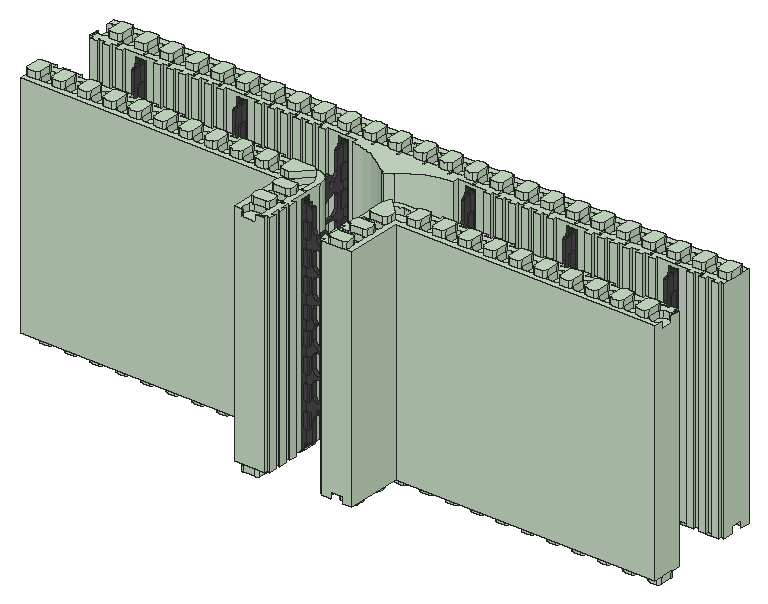
Revit family
Reference planes
  plane 1 "Center (Front/Back)": y = 0
  plane 2: z = 0
  plane 3 "Center (Left/Right)": x = 0
Forms (mm)
  Extrusion 1, solid, material "NUDURA Expanded Polystyrene Foam Insulation"
    sketch origin (0.301, 0.323, 0) x (1, 0, 0) y (0, 1, 0)
      loop
        arc (-57.15, -114.3) -> (-66.449, -91.849) -> (-88.9, -82.55) r 31.75
        line (-88.9, -82.55) -> (-159.542, -82.55) -> (-157.958, -76.2) -> (-172.242, -76.2) -> (-170.658, -82.55) -> (-184.942, -82.55) -> (-183.358, -76.2) -> (-197.642, -76.2) -> (-196.058, -82.55) -> (-210.342, -82.55) -> (-208.758, -76.2) -> (-223.042, -76.2) -> (-221.458, -82.55) -> (-235.742, -82.55) -> (-234.158, -76.2) -> (-248.442, -76.2) -> (-246.858, -82.55) -> (-261.158, -82.55) -> (-259.574, -76.2) -> (-273.858, -76.2) -> (-272.274, -82.55) -> (-286.558, -82.55) -> (-284.974, -76.2) -> (-299.258, -76.2) -> (-297.674, -82.55) -> (-362.741, -82.55) -> (-361.158, -76.2) -> (-375.441, -76.2) -> (-373.858, -82.55) -> (-388.141, -82.55) -> (-386.558, -76.2) -> (-400.841, -76.2) -> (-399.258, -82.55) -> (-413.541, -82.55) -> (-411.958, -76.2) -> (-426.241, -76.2) -> (-424.658, -82.55) -> (-438.958, -82.55) -> (-437.374, -76.2) -> (-451.658, -76.2) -> (-450.074, -82.55) -> (-464.358, -82.55) -> (-462.774, -76.2) -> (-477.058, -76.2) -> (-475.474, -82.55) -> (-489.758, -82.55) -> (-488.174, -76.2) -> (-502.458, -76.2) -> (-500.874, -82.55) -> (-565.941, -82.55) -> (-564.358, -76.2) -> (-578.641, -76.2) -> (-577.058, -82.55) -> (-591.341, -82.55) -> (-589.758, -76.2) -> (-604.041, -76.2) -> (-602.458, -82.55) -> (-616.741, -82.55) -> (-615.158, -76.2) -> (-629.441, -76.2) -> (-627.858, -82.55) -> (-635, -82.55) -> (-635, -142.81) -> (-117.475, -142.81) -> (-117.475, -253.935) -> (-57.15, -253.935) -> (-57.15, -246.858) -> (-50.8, -248.441) -> (-50.8, -234.158) -> (-57.15, -235.741) -> (-57.15, -221.458) -> (-50.8, -223.041) -> (-50.8, -208.758) -> (-57.15, -210.341) -> (-57.15, -196.058) -> (-50.8, -197.641) -> (-50.8, -183.358) -> (-57.15, -184.941) -> (-57.15, -114.3)
      loop
        line (101.6, 22.225) -> (101.6, 31.75) -> (159.542, 31.75) -> (157.958, 25.4) -> (172.242, 25.4) -> (170.658, 31.75) -> (184.942, 31.75) -> (183.358, 25.4) -> (197.642, 25.4) -> (196.058, 31.75) -> (210.342, 31.75) -> (208.758, 25.4) -> (223.042, 25.4) -> (221.458, 31.75) -> (235.726, 31.75) -> (234.142, 25.4) -> (248.426, 25.4) -> (246.842, 31.75) -> (261.126, 31.75) -> (259.542, 25.4) -> (273.826, 25.4) -> (272.242, 31.75) -> (286.526, 31.75) -> (284.942, 25.4) -> (299.226, 25.4) -> (297.642, 31.75) -> (362.741, 31.75) -> (361.158, 25.4) -> (375.441, 25.4) -> (373.858, 31.75) -> (388.141, 31.75) -> (386.558, 25.4) -> (400.841, 25.4) -> (399.258, 31.75) -> (413.541, 31.75) -> (411.958, 25.4) -> (426.241, 25.4) -> (424.658, 31.75) -> (438.925, 31.75) -> (437.342, 25.4) -> (451.625, 25.4) -> (450.042, 31.75) -> (464.325, 31.75) -> (462.742, 25.4) -> (477.025, 25.4) -> (475.442, 31.75) -> (489.725, 31.75) -> (488.142, 25.4) -> (502.425, 25.4) -> (500.842, 31.75) -> (565.941, 31.75) -> (564.358, 25.4) -> (578.641, 25.4) -> (577.058, 31.75) -> (591.341, 31.75) -> (589.758, 25.4) -> (604.041, 25.4) -> (602.458, 31.75) -> (616.741, 31.75) -> (615.158, 25.4) -> (629.441, 25.4) -> (627.858, 31.75) -> (635, 31.75) -> (635, 92.139) -> (-635, 92.139) -> (-635, 31.75) -> (-627.858, 31.75) -> (-629.441, 25.4) -> (-615.158, 25.4) -> (-616.741, 31.75) -> (-602.458, 31.75) -> (-604.041, 25.4) -> (-589.758, 25.4) -> (-591.341, 31.75) -> (-577.058, 31.75) -> (-578.641, 25.4) -> (-564.358, 25.4) -> (-565.941, 31.75) -> (-500.842, 31.75) -> (-502.425, 25.4) -> (-488.142, 25.4) -> (-489.725, 31.75) -> (-475.442, 31.75) -> (-477.025, 25.4) -> (-462.742, 25.4) -> (-464.325, 31.75) -> (-450.042, 31.75) -> (-451.625, 25.4) -> (-437.342, 25.4) -> (-438.925, 31.75) -> (-424.658, 31.75) -> (-426.241, 25.4) -> (-411.958, 25.4) -> (-413.541, 31.75) -> (-399.258, 31.75) -> (-400.841, 25.4) -> (-386.558, 25.4) -> (-388.141, 31.75) -> (-373.858, 31.75) -> (-375.441, 25.4) -> (-361.158, 25.4) -> (-362.741, 31.75) -> (-297.642, 31.75) -> (-299.226, 25.4) -> (-284.942, 25.4) -> (-286.526, 31.75) -> (-272.242, 31.75) -> (-273.826, 25.4) -> (-259.542, 25.4) -> (-261.126, 31.75) -> (-246.842, 31.75) -> (-248.426, 25.4) -> (-234.142, 25.4) -> (-235.726, 31.75) -> (-221.458, 31.75) -> (-223.042, 25.4) -> (-208.758, 25.4) -> (-210.342, 31.75) -> (-196.058, 31.75) -> (-197.642, 25.4) -> (-183.358, 25.4) -> (-184.942, 31.75) -> (-170.658, 31.75) -> (-172.242, 25.4) -> (-157.958, 25.4) -> (-159.542, 31.75) -> (-101.6, 31.75) -> (-101.6, 22.225)
        arc (-101.6, 22.225) -> (-53.925, 9.517) -> (-12.933, -17.943) r 150.316
        arc (-12.933, -17.943) -> (-6.81, -22.871) -> (0, -26.795) r 50.8
        arc (0, -26.795) -> (6.81, -22.871) -> (12.933, -17.943) r 50.8
        arc (12.933, -17.943) -> (53.925, 9.517) -> (101.6, 22.225) r 150.316
      loop
        line (57.15, -114.3) -> (57.15, -184.941) -> (50.8, -183.358) -> (50.8, -197.641) -> (57.15, -196.058) -> (57.15, -210.341) -> (50.8, -208.758) -> (50.8, -223.041) -> (57.15, -221.458) -> (57.15, -235.741) -> (50.8, -234.158) -> (50.8, -248.441) -> (57.15, -246.858) -> (57.15, -254) -> (117.475, -254) -> (117.475, -142.81) -> (635, -142.81) -> (635, -82.55) -> (627.858, -82.55) -> (629.441, -76.2) -> (615.158, -76.2) -> (616.741, -82.55) -> (602.458, -82.55) -> (604.041, -76.2) -> (589.758, -76.2) -> (591.341, -82.55) -> (577.058, -82.55) -> (578.641, -76.2) -> (564.358, -76.2) -> (565.941, -82.55) -> (500.874, -82.55) -> (502.458, -76.2) -> (488.174, -76.2) -> (489.758, -82.55) -> (475.474, -82.55) -> (477.058, -76.2) -> (462.774, -76.2) -> (464.358, -82.55) -> (450.074, -82.55) -> (451.658, -76.2) -> (437.374, -76.2) -> (438.958, -82.55) -> (424.658, -82.55) -> (426.241, -76.2) -> (411.958, -76.2) -> (413.541, -82.55) -> (399.258, -82.55) -> (400.841, -76.2) -> (386.558, -76.2) -> (388.141, -82.55) -> (373.858, -82.55) -> (375.441, -76.2) -> (361.158, -76.2) -> (362.741, -82.55) -> (297.674, -82.55) -> (299.258, -76.2) -> (284.974, -76.2) -> (286.558, -82.55) -> (272.274, -82.55) -> (273.858, -76.2) -> (259.574, -76.2) -> (261.158, -82.55) -> (246.874, -82.55) -> (248.458, -76.2) -> (234.174, -76.2) -> (235.758, -82.55) -> (221.458, -82.55) -> (223.042, -76.2) -> (208.758, -76.2) -> (210.342, -82.55) -> (196.058, -82.55) -> (197.642, -76.2) -> (183.358, -76.2) -> (184.942, -82.55) -> (170.658, -82.55) -> (172.242, -76.2) -> (157.958, -76.2) -> (159.542, -82.55) -> (88.9, -82.55)
        arc (88.9, -82.55) -> (66.449, -91.849) -> (57.15, -114.3) r 31.75
    from 0 to 457.2
  Extrusion 2, void
    sketch origin (25.701, 406.723, 0) x (1, 0, 0) y (0, 1, 0)
      loop
        arc (-130.453, -639.396) -> (-131.763, -647.7) -> (-130.453, -656.003) r 26.987
        arc (-130.453, -656.003) -> (-128.504, -658.905) -> (-125.314, -660.335) r 6.35
        line (-125.314, -660.335) -> (-100.111, -660.335)
        arc (-100.111, -660.335) -> (-98.281, -659.781) -> (-96.698, -658.708) r 6.35
        arc (-96.698, -658.708) -> (-96.199, -658.394) -> (-95.62, -658.285) r 1.588
        line (-95.62, -658.285) -> (-86.829, -658.285) -> (-86.829, -653.946) -> (-92.457, -653.946)
        arc (-92.457, -653.946) -> (-93.668, -653.385) -> (-94.024, -652.1) r 1.588
        arc (-94.024, -652.1) -> (-93.737, -645.691) -> (-94.972, -639.396) r 26.988
        arc (-94.972, -639.396) -> (-97.278, -636.215) -> (-101.014, -635) r 6.35
        line (-101.014, -635) -> (-124.411, -635)
        arc (-124.411, -635) -> (-128.147, -636.215) -> (-130.453, -639.396) r 6.35
    from 457.2 to 444.5
  Extrusion 3, void
    sketch origin (25.701, 457.523, 0) x (1, 0, 0) y (0, 1, 0)
      loop
        arc (-130.453, -639.396) -> (-131.763, -647.7) -> (-130.453, -656.003) r 26.987
        arc (-130.453, -656.003) -> (-128.147, -659.184) -> (-124.411, -660.4) r 6.35
        line (-124.411, -660.4) -> (-101.014, -660.4)
        arc (-101.014, -660.4) -> (-98.696, -659.961) -> (-96.698, -658.708) r 6.35
        arc (-96.698, -658.708) -> (-96.199, -658.394) -> (-95.62, -658.285) r 1.588
        line (-95.62, -658.285) -> (-86.829, -658.285) -> (-86.829, -653.946) -> (-92.457, -653.946)
        arc (-92.457, -653.946) -> (-93.668, -653.385) -> (-94.024, -652.1) r 1.588
        arc (-94.024, -652.1) -> (-93.737, -645.691) -> (-94.972, -639.396) r 26.988
        arc (-94.972, -639.396) -> (-97.278, -636.215) -> (-101.014, -635) r 6.35
        line (-101.014, -635) -> (-124.411, -635)
        arc (-124.411, -635) -> (-128.147, -636.215) -> (-130.453, -639.396) r 6.35
    from 457.2 to 444.5
  Extrusion 4, void
    sketch origin (25.701, 0.323, 0) x (1, 0, 0) y (0, 1, 0)
      loop
        line (-131.763, -131.762) -> (-131.763, -139.7)
        arc (-131.763, -139.7) -> (-131.433, -143.903) -> (-130.453, -148.003) r 26.987
        arc (-130.453, -148.003) -> (-128.147, -151.184) -> (-124.411, -152.4) r 6.35
        line (-124.411, -152.4) -> (-101.014, -152.4)
        arc (-101.014, -152.4) -> (-98.696, -151.961) -> (-96.698, -150.708) r 6.35
        arc (-96.698, -150.708) -> (-96.199, -150.394) -> (-95.62, -150.285) r 1.588
        line (-95.62, -150.285) -> (-86.829, -150.285) -> (-86.829, -145.946) -> (-92.457, -145.946)
        arc (-92.457, -145.946) -> (-93.668, -145.385) -> (-94.024, -144.1) r 1.588
        arc (-94.024, -144.1) -> (-93.753, -141.907) -> (-93.663, -139.7) r 26.987
        line (-93.663, -139.7) -> (-93.663, -119.062)
        arc (-93.663, -119.062) -> (-95.596, -109.342) -> (-101.102, -101.102) r 25.4
        line (-101.102, -101.102) -> (-131.763, -131.762)
    from 457.2 to 444.5
  Extrusion 5, void
    sketch origin (-787.098, 0.323, 0) x (0, 1, 0) y (-1, 0, 0)
      loop
        arc (-130.453, -639.396) -> (-131.763, -647.7) -> (-130.453, -656.003) r 26.987
        arc (-130.453, -656.003) -> (-128.147, -659.184) -> (-124.411, -660.4) r 6.35
        line (-124.411, -660.4) -> (-101.014, -660.4)
        arc (-101.014, -660.4) -> (-98.696, -659.961) -> (-96.698, -658.708) r 6.35
        arc (-96.698, -658.708) -> (-96.199, -658.394) -> (-95.62, -658.285) r 1.588
        line (-95.62, -658.285) -> (-86.829, -658.285) -> (-86.829, -653.946) -> (-92.457, -653.946)
        arc (-92.457, -653.946) -> (-93.668, -653.385) -> (-94.024, -652.1) r 1.588
        arc (-94.024, -652.1) -> (-93.737, -645.691) -> (-94.972, -639.396) r 26.988
        arc (-94.972, -639.396) -> (-97.278, -636.215) -> (-101.014, -635) r 6.35
        line (-101.014, -635) -> (-124.411, -635)
        arc (-124.411, -635) -> (-128.147, -636.215) -> (-130.453, -639.396) r 6.35
    from 457.2 to 444.5
  Extrusion 6, void
    sketch origin (-837.898, 0.323, 0) x (0, 1, 0) y (-1, 0, 0)
      loop
        arc (-130.453, -639.396) -> (-131.763, -647.7) -> (-130.453, -656.003) r 26.987
        arc (-130.453, -656.003) -> (-128.147, -659.184) -> (-124.411, -660.4) r 6.35
        line (-124.411, -660.4) -> (-101.014, -660.4)
        arc (-101.014, -660.4) -> (-98.696, -659.961) -> (-96.698, -658.708) r 6.35
        arc (-96.698, -658.708) -> (-96.199, -658.394) -> (-95.62, -658.285) r 1.588
        line (-95.62, -658.285) -> (-86.829, -658.285) -> (-86.829, -653.946) -> (-92.457, -653.946)
        arc (-92.457, -653.946) -> (-93.668, -653.385) -> (-94.024, -652.1) r 1.588
        arc (-94.024, -652.1) -> (-93.737, -645.691) -> (-94.972, -639.396) r 26.988
        arc (-94.972, -639.396) -> (-97.278, -636.215) -> (-101.014, -635) r 6.35
        line (-101.014, -635) -> (-124.411, -635)
        arc (-124.411, -635) -> (-128.147, -636.215) -> (-130.453, -639.396) r 6.35
    from 457.2 to 444.5
  Extrusion 7, void
    sketch origin (25.701, -863.276, 0) x (1, 0, 0) y (0, 1, 0)
      loop
        arc (-130.453, 639.396) -> (-128.147, 636.215) -> (-124.411, 635) r 6.35
        line (-124.411, 635) -> (-101.014, 635)
        arc (-101.014, 635) -> (-97.278, 636.215) -> (-94.972, 639.396) r 6.35
        arc (-94.972, 639.396) -> (-93.737, 645.691) -> (-94.024, 652.1) r 26.988
        arc (-94.024, 652.1) -> (-93.668, 653.385) -> (-92.457, 653.946) r 1.588
        line (-92.457, 653.946) -> (-86.829, 653.946) -> (-86.829, 658.285) -> (-95.62, 658.285)
        arc (-95.62, 658.285) -> (-96.199, 658.394) -> (-96.698, 658.708) r 1.588
        arc (-96.698, 658.708) -> (-98.696, 659.961) -> (-101.014, 660.4) r 6.35
        line (-101.014, 660.4) -> (-124.411, 660.4)
        arc (-124.411, 660.4) -> (-128.147, 659.184) -> (-130.453, 656.003) r 6.35
        arc (-130.453, 656.003) -> (-131.763, 647.7) -> (-130.453, 639.396) r 26.987
    from 0 to 12.7
  Extrusion 8, void
    sketch origin (25.701, -812.476, 0) x (1, 0, 0) y (0, 1, 0)
      loop
        arc (-130.453, 639.396) -> (-128.147, 636.215) -> (-124.411, 635) r 6.35
        line (-124.411, 635) -> (-101.014, 635)
        arc (-101.014, 635) -> (-97.278, 636.215) -> (-94.972, 639.396) r 6.35
        arc (-94.972, 639.396) -> (-93.737, 645.691) -> (-94.024, 652.1) r 26.988
        arc (-94.024, 652.1) -> (-93.668, 653.385) -> (-92.457, 653.946) r 1.588
        line (-92.457, 653.946) -> (-86.829, 653.946) -> (-86.829, 658.285) -> (-95.62, 658.285)
        arc (-95.62, 658.285) -> (-96.199, 658.394) -> (-96.698, 658.708) r 1.588
        arc (-96.698, 658.708) -> (-98.696, 659.961) -> (-101.014, 660.4) r 6.35
        line (-101.014, 660.4) -> (-124.411, 660.4)
        arc (-124.411, 660.4) -> (-128.147, 659.184) -> (-130.453, 656.003) r 6.35
        arc (-130.453, 656.003) -> (-131.763, 647.7) -> (-130.453, 639.396) r 26.987
    from 0 to 12.7
  Extrusion 9, void
    sketch origin (25.701, 0.323, 0) x (0, 1, 0) y (-1, 0, 0)
      loop
        line (-131.763, 131.762) -> (-101.102, 101.102)
        arc (-101.102, 101.102) -> (-95.596, 109.342) -> (-93.663, 119.062) r 25.4
        line (-93.663, 119.062) -> (-93.663, 139.7)
        arc (-93.663, 139.7) -> (-93.753, 141.907) -> (-94.024, 144.1) r 26.987
        arc (-94.024, 144.1) -> (-93.668, 145.385) -> (-92.457, 145.946) r 1.588
        line (-92.457, 145.946) -> (-86.829, 145.946) -> (-86.829, 150.285) -> (-95.62, 150.285)
        arc (-95.62, 150.285) -> (-96.199, 150.394) -> (-96.698, 150.708) r 1.588
        arc (-96.698, 150.708) -> (-98.696, 151.961) -> (-101.014, 152.4) r 6.35
        line (-101.014, 152.4) -> (-124.411, 152.4)
        arc (-124.411, 152.4) -> (-128.147, 151.184) -> (-130.453, 148.003) r 6.35
        arc (-130.453, 148.003) -> (-131.433, 143.903) -> (-131.763, 139.7) r 26.987
        line (-131.763, 139.7) -> (-131.763, 131.762)
    from 0 to 12.7
  Extrusion 10, void
    sketch origin (482.901, 0.323, 0) x (0, 1, 0) y (-1, 0, 0)
      loop
        arc (-130.453, 639.396) -> (-128.147, 636.215) -> (-124.411, 635) r 6.35
        line (-124.411, 635) -> (-101.014, 635)
        arc (-101.014, 635) -> (-97.278, 636.215) -> (-94.972, 639.396) r 6.35
        arc (-94.972, 639.396) -> (-93.737, 645.691) -> (-94.024, 652.1) r 26.988
        arc (-94.024, 652.1) -> (-93.668, 653.385) -> (-92.457, 653.946) r 1.588
        line (-92.457, 653.946) -> (-86.829, 653.946) -> (-86.829, 658.285) -> (-95.62, 658.285)
        arc (-95.62, 658.285) -> (-96.199, 658.394) -> (-96.698, 658.708) r 1.588
        arc (-96.698, 658.708) -> (-98.696, 659.961) -> (-101.014, 660.4) r 6.35
        line (-101.014, 660.4) -> (-124.411, 660.4)
        arc (-124.411, 660.4) -> (-128.147, 659.184) -> (-130.453, 656.003) r 6.35
        arc (-130.453, 656.003) -> (-131.763, 647.7) -> (-130.453, 639.396) r 26.987
    from 0 to 12.7
  Extrusion 11, void
    sketch origin (432.101, 0.323, 0) x (0, 1, 0) y (-1, 0, 0)
      loop
        arc (-130.453, 639.396) -> (-128.147, 636.215) -> (-124.411, 635) r 6.35
        line (-124.411, 635) -> (-101.014, 635)
        arc (-101.014, 635) -> (-97.278, 636.215) -> (-94.972, 639.396) r 6.35
        arc (-94.972, 639.396) -> (-93.737, 645.691) -> (-94.024, 652.1) r 26.988
        arc (-94.024, 652.1) -> (-93.668, 653.385) -> (-92.457, 653.946) r 1.588
        line (-92.457, 653.946) -> (-86.829, 653.946) -> (-86.829, 658.285) -> (-95.62, 658.285)
        arc (-95.62, 658.285) -> (-96.199, 658.394) -> (-96.698, 658.708) r 1.588
        arc (-96.698, 658.708) -> (-98.696, 659.961) -> (-101.014, 660.4) r 6.35
        line (-101.014, 660.4) -> (-124.411, 660.4)
        arc (-124.411, 660.4) -> (-128.147, 659.184) -> (-130.453, 656.003) r 6.35
        arc (-130.453, 656.003) -> (-131.763, 647.7) -> (-130.453, 639.396) r 26.987
    from 0 to 12.7
  Extrusion 12, void
    sketch origin (-25.099, -863.276, 0) x (-1, 0, 0) y (0, -1, 0)
      loop
        arc (-130.453, -639.396) -> (-131.763, -647.7) -> (-130.453, -656.003) r 26.987
        arc (-130.453, -656.003) -> (-128.147, -659.184) -> (-124.411, -660.4) r 6.35
        line (-124.411, -660.4) -> (-101.014, -660.4)
        arc (-101.014, -660.4) -> (-98.696, -659.961) -> (-96.698, -658.708) r 6.35
        arc (-96.698, -658.708) -> (-96.199, -658.394) -> (-95.62, -658.285) r 1.588
        line (-95.62, -658.285) -> (-86.829, -658.285) -> (-86.829, -653.946) -> (-92.457, -653.946)
        arc (-92.457, -653.946) -> (-93.668, -653.385) -> (-94.024, -652.1) r 1.588
        arc (-94.024, -652.1) -> (-93.737, -645.691) -> (-94.972, -639.396) r 26.988
        arc (-94.972, -639.396) -> (-97.278, -636.215) -> (-101.014, -635) r 6.35
        line (-101.014, -635) -> (-124.411, -635)
        arc (-124.411, -635) -> (-128.147, -636.215) -> (-130.453, -639.396) r 6.35
    from 457.2 to 444.5
  Extrusion 13, void
    sketch origin (-25.099, -812.476, 0) x (-1, 0, 0) y (0, -1, 0)
      loop
        arc (-130.453, -639.396) -> (-131.763, -647.7) -> (-130.453, -656.003) r 26.987
        arc (-130.453, -656.003) -> (-128.147, -659.184) -> (-124.411, -660.4) r 6.35
        line (-124.411, -660.4) -> (-101.014, -660.4)
        arc (-101.014, -660.4) -> (-98.696, -659.961) -> (-96.698, -658.708) r 6.35
        arc (-96.698, -658.708) -> (-96.199, -658.394) -> (-95.62, -658.285) r 1.588
        line (-95.62, -658.285) -> (-86.829, -658.285) -> (-86.829, -653.946) -> (-92.457, -653.946)
        arc (-92.457, -653.946) -> (-93.668, -653.385) -> (-94.024, -652.1) r 1.588
        arc (-94.024, -652.1) -> (-93.737, -645.691) -> (-94.972, -639.396) r 26.988
        arc (-94.972, -639.396) -> (-97.278, -636.215) -> (-101.014, -635) r 6.35
        line (-101.014, -635) -> (-124.411, -635)
        arc (-124.411, -635) -> (-128.147, -636.215) -> (-130.453, -639.396) r 6.35
    from 457.2 to 444.5
  Extrusion 14, void
    sketch origin (-482.298, 0.323, 0) x (0, 1, 0) y (-1, 0, 0)
      loop
        arc (-130.453, -639.396) -> (-131.763, -647.7) -> (-130.453, -656.003) r 26.987
        arc (-130.453, -656.003) -> (-128.147, -659.184) -> (-124.411, -660.4) r 6.35
        line (-124.411, -660.4) -> (-101.014, -660.4)
        arc (-101.014, -660.4) -> (-98.696, -659.961) -> (-96.698, -658.708) r 6.35
        arc (-96.698, -658.708) -> (-96.199, -658.394) -> (-95.62, -658.285) r 1.588
        line (-95.62, -658.285) -> (-86.829, -658.285) -> (-86.829, -653.946) -> (-92.457, -653.946)
        arc (-92.457, -653.946) -> (-93.668, -653.385) -> (-94.024, -652.1) r 1.588
        arc (-94.024, -652.1) -> (-93.737, -645.691) -> (-94.972, -639.396) r 26.988
        arc (-94.972, -639.396) -> (-97.278, -636.215) -> (-101.014, -635) r 6.35
        line (-101.014, -635) -> (-124.411, -635)
        arc (-124.411, -635) -> (-128.147, -636.215) -> (-130.453, -639.396) r 6.35
    from 457.2 to 444.5
  Extrusion 15, void
    sketch origin (-431.498, 0.323, 0) x (0, 1, 0) y (-1, 0, 0)
      loop
        arc (-130.453, -639.396) -> (-131.763, -647.7) -> (-130.453, -656.003) r 26.987
        arc (-130.453, -656.003) -> (-128.147, -659.184) -> (-124.411, -660.4) r 6.35
        line (-124.411, -660.4) -> (-101.014, -660.4)
        arc (-101.014, -660.4) -> (-98.696, -659.961) -> (-96.698, -658.708) r 6.35
        arc (-96.698, -658.708) -> (-96.199, -658.394) -> (-95.62, -658.285) r 1.588
        line (-95.62, -658.285) -> (-86.829, -658.285) -> (-86.829, -653.946) -> (-92.457, -653.946)
        arc (-92.457, -653.946) -> (-93.668, -653.385) -> (-94.024, -652.1) r 1.588
        arc (-94.024, -652.1) -> (-93.737, -645.691) -> (-94.972, -639.396) r 26.988
        arc (-94.972, -639.396) -> (-97.278, -636.215) -> (-101.014, -635) r 6.35
        line (-101.014, -635) -> (-124.411, -635)
        arc (-124.411, -635) -> (-128.147, -636.215) -> (-130.453, -639.396) r 6.35
    from 457.2 to 444.5
  Extrusion 16, void
    sketch origin (-25.099, 0.323, 0) x (1, 0, 0) y (0, 1, 0)
      loop
        arc (144.1, -94.023) -> (141.907, -93.752) -> (139.7, -93.662) r 26.987
        line (139.7, -93.662) -> (119.063, -93.662)
        arc (119.063, -93.662) -> (109.342, -95.595) -> (101.102, -101.102) r 25.4
        line (101.102, -101.102) -> (131.763, -131.762) -> (139.7, -131.762)
        arc (139.7, -131.762) -> (143.903, -131.433) -> (148.004, -130.453) r 26.988
        arc (148.004, -130.453) -> (151.185, -128.147) -> (152.4, -124.411) r 6.35
        line (152.4, -124.411) -> (152.4, -101.013)
        arc (152.4, -101.013) -> (151.962, -98.696) -> (150.708, -96.698) r 6.35
        arc (150.708, -96.698) -> (150.395, -96.198) -> (150.285, -95.619) r 1.587
        line (150.285, -95.619) -> (150.285, -86.828) -> (145.946, -86.828) -> (145.946, -92.457)
        arc (145.946, -92.457) -> (145.386, -93.667) -> (144.1, -94.023) r 1.588
    from 457.2 to 444.5
  Extrusion 17, void
    sketch origin (-25.099, 406.723, 0) x (-1, 0, 0) y (0, -1, 0)
      loop
        arc (-130.453, 639.396) -> (-128.147, 636.215) -> (-124.411, 635) r 6.35
        line (-124.411, 635) -> (-101.014, 635)
        arc (-101.014, 635) -> (-97.278, 636.215) -> (-94.972, 639.396) r 6.35
        arc (-94.972, 639.396) -> (-93.737, 645.691) -> (-94.024, 652.1) r 26.988
        arc (-94.024, 652.1) -> (-93.668, 653.385) -> (-92.457, 653.946) r 1.588
        line (-92.457, 653.946) -> (-86.829, 653.946) -> (-86.829, 658.285) -> (-95.62, 658.285)
        arc (-95.62, 658.285) -> (-96.199, 658.394) -> (-96.698, 658.708) r 1.588
        arc (-96.698, 658.708) -> (-98.696, 659.961) -> (-101.014, 660.4) r 6.35
        line (-101.014, 660.4) -> (-124.411, 660.4)
        arc (-124.411, 660.4) -> (-128.147, 659.184) -> (-130.453, 656.003) r 6.35
        arc (-130.453, 656.003) -> (-131.763, 647.7) -> (-130.453, 639.396) r 26.987
    from 0 to 12.7
  Extrusion 18, void
    sketch origin (-25.099, 457.523, 0) x (-1, 0, 0) y (0, -1, 0)
      loop
        arc (-130.453, 639.396) -> (-128.147, 636.215) -> (-124.411, 635) r 6.35
        line (-124.411, 635) -> (-101.014, 635)
        arc (-101.014, 635) -> (-97.278, 636.215) -> (-94.972, 639.396) r 6.35
        arc (-94.972, 639.396) -> (-93.737, 645.691) -> (-94.024, 652.1) r 26.988
        arc (-94.024, 652.1) -> (-93.668, 653.385) -> (-92.457, 653.946) r 1.588
        line (-92.457, 653.946) -> (-86.829, 653.946) -> (-86.829, 658.285) -> (-95.62, 658.285)
        arc (-95.62, 658.285) -> (-96.199, 658.394) -> (-96.698, 658.708) r 1.588
        arc (-96.698, 658.708) -> (-98.696, 659.961) -> (-101.014, 660.4) r 6.35
        line (-101.014, 660.4) -> (-124.411, 660.4)
        arc (-124.411, 660.4) -> (-128.147, 659.184) -> (-130.453, 656.003) r 6.35
        arc (-130.453, 656.003) -> (-131.763, 647.7) -> (-130.453, 639.396) r 26.987
    from 0 to 12.7
  Extrusion 19, void
    sketch origin (-25.098, 0.323, 0) x (0, -1, 0) y (1, 0, 0)
      loop
        arc (144.1, 94.023) -> (145.386, 93.667) -> (145.946, 92.457) r 1.588
        line (145.946, 92.457) -> (145.946, 86.828) -> (150.285, 86.828) -> (150.285, 95.619)
        arc (150.285, 95.619) -> (150.395, 96.198) -> (150.708, 96.698) r 1.587
        arc (150.708, 96.698) -> (151.962, 98.696) -> (152.4, 101.013) r 6.35
        line (152.4, 101.013) -> (152.4, 124.411)
        arc (152.4, 124.411) -> (151.185, 128.147) -> (148.004, 130.453) r 6.35
        arc (148.004, 130.453) -> (143.903, 131.433) -> (139.7, 131.762) r 26.988
        line (139.7, 131.762) -> (131.763, 131.762) -> (101.102, 101.102)
        arc (101.102, 101.102) -> (109.342, 95.595) -> (119.063, 93.662) r 25.4
        line (119.063, 93.662) -> (139.7, 93.662)
        arc (139.7, 93.662) -> (141.907, 93.752) -> (144.1, 94.023) r 26.987
    from 0 to 12.7
  Extrusion 20, void
    sketch origin (787.701, 0.323, 0) x (0, 1, 0) y (-1, 0, 0)
      loop
        arc (-130.453, 639.396) -> (-128.147, 636.215) -> (-124.411, 635) r 6.35
        line (-124.411, 635) -> (-101.014, 635)
        arc (-101.014, 635) -> (-97.278, 636.215) -> (-94.972, 639.396) r 6.35
        arc (-94.972, 639.396) -> (-93.737, 645.691) -> (-94.024, 652.1) r 26.988
        arc (-94.024, 652.1) -> (-93.668, 653.385) -> (-92.457, 653.946) r 1.588
        line (-92.457, 653.946) -> (-86.829, 653.946) -> (-86.829, 658.285) -> (-95.62, 658.285)
        arc (-95.62, 658.285) -> (-96.199, 658.394) -> (-96.698, 658.708) r 1.588
        arc (-96.698, 658.708) -> (-98.696, 659.961) -> (-101.014, 660.4) r 6.35
        line (-101.014, 660.4) -> (-124.411, 660.4)
        arc (-124.411, 660.4) -> (-128.147, 659.184) -> (-130.453, 656.003) r 6.35
        arc (-130.453, 656.003) -> (-131.763, 647.7) -> (-130.453, 639.396) r 26.987
    from 0 to 12.7
  Extrusion 21, void
    sketch origin (838.501, 0.323, 0) x (0, 1, 0) y (-1, 0, 0)
      loop
        arc (-130.453, 639.396) -> (-128.147, 636.215) -> (-124.411, 635) r 6.35
        line (-124.411, 635) -> (-101.014, 635)
        arc (-101.014, 635) -> (-97.278, 636.215) -> (-94.972, 639.396) r 6.35
        arc (-94.972, 639.396) -> (-93.737, 645.691) -> (-94.024, 652.1) r 26.988
        arc (-94.024, 652.1) -> (-93.668, 653.385) -> (-92.457, 653.946) r 1.588
        line (-92.457, 653.946) -> (-86.829, 653.946) -> (-86.829, 658.285) -> (-95.62, 658.285)
        arc (-95.62, 658.285) -> (-96.199, 658.394) -> (-96.698, 658.708) r 1.588
        arc (-96.698, 658.708) -> (-98.696, 659.961) -> (-101.014, 660.4) r 6.35
        line (-101.014, 660.4) -> (-124.411, 660.4)
        arc (-124.411, 660.4) -> (-128.147, 659.184) -> (-130.453, 656.003) r 6.35
        arc (-130.453, 656.003) -> (-131.763, 647.7) -> (-130.453, 639.396) r 26.987
    from 0 to 12.7
  Extrusion 22, void
    sketch origin (432.101, -50.478, 0) x (0, -1, 0) y (1, 0, 0)
      loop
        arc (-130.453, -639.396) -> (-131.763, -647.7) -> (-130.453, -656.003) r 26.987
        arc (-130.453, -656.003) -> (-128.147, -659.184) -> (-124.411, -660.4) r 6.35
        line (-124.411, -660.4) -> (-101.014, -660.4)
        arc (-101.014, -660.4) -> (-98.696, -659.961) -> (-96.698, -658.708) r 6.35
        arc (-96.698, -658.708) -> (-96.199, -658.394) -> (-95.62, -658.285) r 1.588
        line (-95.62, -658.285) -> (-86.829, -658.285) -> (-86.829, -653.946) -> (-92.457, -653.946)
        arc (-92.457, -653.946) -> (-93.668, -653.385) -> (-94.024, -652.1) r 1.588
        arc (-94.024, -652.1) -> (-93.737, -645.691) -> (-94.972, -639.396) r 26.988
        arc (-94.972, -639.396) -> (-97.278, -636.215) -> (-101.014, -635) r 6.35
        line (-101.014, -635) -> (-124.411, -635)
        arc (-124.411, -635) -> (-128.147, -636.215) -> (-130.453, -639.396) r 6.35
    from 457.2 to 444.5
  Extrusion 23, void
    sketch origin (482.901, -50.478, 0) x (0, -1, 0) y (1, 0, 0)
      loop
        arc (-130.453, -639.396) -> (-131.763, -647.7) -> (-130.453, -656.003) r 26.987
        arc (-130.453, -656.003) -> (-128.147, -659.184) -> (-124.411, -660.4) r 6.35
        line (-124.411, -660.4) -> (-101.014, -660.4)
        arc (-101.014, -660.4) -> (-98.696, -659.961) -> (-96.698, -658.708) r 6.35
        arc (-96.698, -658.708) -> (-96.199, -658.394) -> (-95.62, -658.285) r 1.588
        line (-95.62, -658.285) -> (-86.829, -658.285) -> (-86.829, -653.946) -> (-92.457, -653.946)
        arc (-92.457, -653.946) -> (-93.668, -653.385) -> (-94.024, -652.1) r 1.588
        arc (-94.024, -652.1) -> (-93.737, -645.691) -> (-94.972, -639.396) r 26.988
        arc (-94.972, -639.396) -> (-97.278, -636.215) -> (-101.014, -635) r 6.35
        line (-101.014, -635) -> (-124.411, -635)
        arc (-124.411, -635) -> (-128.147, -636.215) -> (-130.453, -639.396) r 6.35
    from 457.2 to 444.5
  Extrusion 24, void
    sketch origin (533.701, -50.478, 0) x (0, -1, 0) y (1, 0, 0)
      loop
        arc (-130.453, -639.396) -> (-131.763, -647.7) -> (-130.453, -656.003) r 26.987
        arc (-130.453, -656.003) -> (-128.147, -659.184) -> (-124.411, -660.4) r 6.35
        line (-124.411, -660.4) -> (-101.014, -660.4)
        arc (-101.014, -660.4) -> (-98.696, -659.961) -> (-96.698, -658.708) r 6.35
        arc (-96.698, -658.708) -> (-96.199, -658.394) -> (-95.62, -658.285) r 1.588
        line (-95.62, -658.285) -> (-86.829, -658.285) -> (-86.829, -653.946) -> (-92.457, -653.946)
        arc (-92.457, -653.946) -> (-93.668, -653.385) -> (-94.024, -652.1) r 1.588
        arc (-94.024, -652.1) -> (-93.737, -645.691) -> (-94.972, -639.396) r 26.988
        arc (-94.972, -639.396) -> (-97.278, -636.215) -> (-101.014, -635) r 6.35
        line (-101.014, -635) -> (-124.411, -635)
        arc (-124.411, -635) -> (-128.147, -636.215) -> (-130.453, -639.396) r 6.35
    from 457.2 to 444.5
  Extrusion 25, void
    sketch origin (584.501, -50.478, 0) x (0, -1, 0) y (1, 0, 0)
      loop
        arc (-130.453, -639.396) -> (-131.763, -647.7) -> (-130.453, -656.003) r 26.987
        arc (-130.453, -656.003) -> (-128.147, -659.184) -> (-124.411, -660.4) r 6.35
        line (-124.411, -660.4) -> (-101.014, -660.4)
        arc (-101.014, -660.4) -> (-98.696, -659.961) -> (-96.698, -658.708) r 6.35
        arc (-96.698, -658.708) -> (-96.199, -658.394) -> (-95.62, -658.285) r 1.588
        line (-95.62, -658.285) -> (-86.829, -658.285) -> (-86.829, -653.946) -> (-92.457, -653.946)
        arc (-92.457, -653.946) -> (-93.668, -653.385) -> (-94.024, -652.1) r 1.588
        arc (-94.024, -652.1) -> (-93.737, -645.691) -> (-94.972, -639.396) r 26.988
        arc (-94.972, -639.396) -> (-97.278, -636.215) -> (-101.014, -635) r 6.35
        line (-101.014, -635) -> (-124.411, -635)
        arc (-124.411, -635) -> (-128.147, -636.215) -> (-130.453, -639.396) r 6.35
    from 457.2 to 444.5
  Extrusion 26, void
    sketch origin (635.301, -50.478, 0) x (0, -1, 0) y (1, 0, 0)
      loop
        arc (-130.453, -639.396) -> (-131.763, -647.7) -> (-130.453, -656.003) r 26.987
        arc (-130.453, -656.003) -> (-128.147, -659.184) -> (-124.411, -660.4) r 6.35
        line (-124.411, -660.4) -> (-101.014, -660.4)
        arc (-101.014, -660.4) -> (-98.696, -659.961) -> (-96.698, -658.708) r 6.35
        arc (-96.698, -658.708) -> (-96.199, -658.394) -> (-95.62, -658.285) r 1.588
        line (-95.62, -658.285) -> (-86.829, -658.285) -> (-86.829, -653.946) -> (-92.457, -653.946)
        arc (-92.457, -653.946) -> (-93.668, -653.385) -> (-94.024, -652.1) r 1.588
        arc (-94.024, -652.1) -> (-93.737, -645.691) -> (-94.972, -639.396) r 26.988
        arc (-94.972, -639.396) -> (-97.278, -636.215) -> (-101.014, -635) r 6.35
        line (-101.014, -635) -> (-124.411, -635)
        arc (-124.411, -635) -> (-128.147, -636.215) -> (-130.453, -639.396) r 6.35
    from 457.2 to 444.5
  Extrusion 27, void
    sketch origin (686.101, -50.478, 0) x (0, -1, 0) y (1, 0, 0)
      loop
        arc (-130.453, -639.396) -> (-131.763, -647.7) -> (-130.453, -656.003) r 26.987
        arc (-130.453, -656.003) -> (-128.147, -659.184) -> (-124.411, -660.4) r 6.35
        line (-124.411, -660.4) -> (-101.014, -660.4)
        arc (-101.014, -660.4) -> (-98.696, -659.961) -> (-96.698, -658.708) r 6.35
        arc (-96.698, -658.708) -> (-96.199, -658.394) -> (-95.62, -658.285) r 1.588
        line (-95.62, -658.285) -> (-86.829, -658.285) -> (-86.829, -653.946) -> (-92.457, -653.946)
        arc (-92.457, -653.946) -> (-93.668, -653.385) -> (-94.024, -652.1) r 1.588
        arc (-94.024, -652.1) -> (-93.737, -645.691) -> (-94.972, -639.396) r 26.988
        arc (-94.972, -639.396) -> (-97.278, -636.215) -> (-101.014, -635) r 6.35
        line (-101.014, -635) -> (-124.411, -635)
        arc (-124.411, -635) -> (-128.147, -636.215) -> (-130.453, -639.396) r 6.35
    from 457.2 to 444.5
  Extrusion 28, void
    sketch origin (736.901, -50.478, 0) x (0, -1, 0) y (1, 0, 0)
      loop
        arc (-130.453, -639.396) -> (-131.763, -647.7) -> (-130.453, -656.003) r 26.987
        arc (-130.453, -656.003) -> (-128.147, -659.184) -> (-124.411, -660.4) r 6.35
        line (-124.411, -660.4) -> (-101.014, -660.4)
        arc (-101.014, -660.4) -> (-98.696, -659.961) -> (-96.698, -658.708) r 6.35
        arc (-96.698, -658.708) -> (-96.199, -658.394) -> (-95.62, -658.285) r 1.588
        line (-95.62, -658.285) -> (-86.829, -658.285) -> (-86.829, -653.946) -> (-92.457, -653.946)
        arc (-92.457, -653.946) -> (-93.668, -653.385) -> (-94.024, -652.1) r 1.588
        arc (-94.024, -652.1) -> (-93.737, -645.691) -> (-94.972, -639.396) r 26.988
        arc (-94.972, -639.396) -> (-97.278, -636.215) -> (-101.014, -635) r 6.35
        line (-101.014, -635) -> (-124.411, -635)
        arc (-124.411, -635) -> (-128.147, -636.215) -> (-130.453, -639.396) r 6.35
    from 457.2 to 444.5
  Extrusion 29, void
    sketch origin (787.701, -50.478, 0) x (0, -1, 0) y (1, 0, 0)
      loop
        arc (-130.453, -639.396) -> (-131.763, -647.7) -> (-130.453, -656.003) r 26.987
        arc (-130.453, -656.003) -> (-128.147, -659.184) -> (-124.411, -660.4) r 6.35
        line (-124.411, -660.4) -> (-101.014, -660.4)
        arc (-101.014, -660.4) -> (-98.696, -659.961) -> (-96.698, -658.708) r 6.35
        arc (-96.698, -658.708) -> (-96.199, -658.394) -> (-95.62, -658.285) r 1.588
        line (-95.62, -658.285) -> (-86.829, -658.285) -> (-86.829, -653.946) -> (-92.457, -653.946)
        arc (-92.457, -653.946) -> (-93.668, -653.385) -> (-94.024, -652.1) r 1.588
        arc (-94.024, -652.1) -> (-93.737, -645.691) -> (-94.972, -639.396) r 26.988
        arc (-94.972, -639.396) -> (-97.278, -636.215) -> (-101.014, -635) r 6.35
        line (-101.014, -635) -> (-124.411, -635)
        arc (-124.411, -635) -> (-128.147, -636.215) -> (-130.453, -639.396) r 6.35
    from 457.2 to 444.5
  Extrusion 30, void
    sketch origin (838.501, -50.478, 0) x (0, -1, 0) y (1, 0, 0)
      loop
        arc (-130.453, -639.396) -> (-131.763, -647.7) -> (-130.453, -656.003) r 26.987
        arc (-130.453, -656.003) -> (-128.147, -659.184) -> (-124.411, -660.4) r 6.35
        line (-124.411, -660.4) -> (-101.014, -660.4)
        arc (-101.014, -660.4) -> (-98.696, -659.961) -> (-96.698, -658.708) r 6.35
        arc (-96.698, -658.708) -> (-96.199, -658.394) -> (-95.62, -658.285) r 1.588
        line (-95.62, -658.285) -> (-86.829, -658.285) -> (-86.829, -653.946) -> (-92.457, -653.946)
        arc (-92.457, -653.946) -> (-93.668, -653.385) -> (-94.024, -652.1) r 1.588
        arc (-94.024, -652.1) -> (-93.737, -645.691) -> (-94.972, -639.396) r 26.988
        arc (-94.972, -639.396) -> (-97.278, -636.215) -> (-101.014, -635) r 6.35
        line (-101.014, -635) -> (-124.411, -635)
        arc (-124.411, -635) -> (-128.147, -636.215) -> (-130.453, -639.396) r 6.35
    from 457.2 to 444.5
  Extrusion 31, void
    sketch origin (889.301, -50.478, 0) x (0, -1, 0) y (1, 0, 0)
      loop
        arc (-130.453, -639.396) -> (-131.763, -647.7) -> (-130.453, -656.003) r 26.987
        arc (-130.453, -656.003) -> (-128.147, -659.184) -> (-124.411, -660.4) r 6.35
        line (-124.411, -660.4) -> (-101.014, -660.4)
        arc (-101.014, -660.4) -> (-98.696, -659.961) -> (-96.698, -658.708) r 6.35
        arc (-96.698, -658.708) -> (-96.199, -658.394) -> (-95.62, -658.285) r 1.588
        line (-95.62, -658.285) -> (-86.829, -658.285) -> (-86.829, -653.946) -> (-92.457, -653.946)
        arc (-92.457, -653.946) -> (-93.668, -653.385) -> (-94.024, -652.1) r 1.588
        arc (-94.024, -652.1) -> (-93.737, -645.691) -> (-94.972, -639.396) r 26.988
        arc (-94.972, -639.396) -> (-97.278, -636.215) -> (-101.014, -635) r 6.35
        line (-101.014, -635) -> (-124.411, -635)
        arc (-124.411, -635) -> (-128.147, -636.215) -> (-130.453, -639.396) r 6.35
    from 457.2 to 444.5
  Extrusion 32, void
    sketch origin (-888.698, -50.478, 0) x (0, -1, 0) y (1, 0, 0)
      loop
        arc (-130.453, 639.396) -> (-128.147, 636.215) -> (-124.411, 635) r 6.35
        line (-124.411, 635) -> (-101.014, 635)
        arc (-101.014, 635) -> (-97.278, 636.215) -> (-94.972, 639.396) r 6.35
        arc (-94.972, 639.396) -> (-93.737, 645.691) -> (-94.024, 652.1) r 26.988
        arc (-94.024, 652.1) -> (-93.668, 653.385) -> (-92.457, 653.946) r 1.588
        line (-92.457, 653.946) -> (-86.829, 653.946) -> (-86.829, 658.285) -> (-95.62, 658.285)
        arc (-95.62, 658.285) -> (-96.199, 658.394) -> (-96.698, 658.708) r 1.588
        arc (-96.698, 658.708) -> (-98.696, 659.961) -> (-101.014, 660.4) r 6.35
        line (-101.014, 660.4) -> (-124.411, 660.4)
        arc (-124.411, 660.4) -> (-128.147, 659.184) -> (-130.453, 656.003) r 6.35
        arc (-130.453, 656.003) -> (-131.763, 647.7) -> (-130.453, 639.396) r 26.987
    from 0 to 12.7
  Extrusion 33, void
    sketch origin (-837.898, -50.478, 0) x (0, -1, 0) y (1, 0, 0)
      loop
        arc (-130.453, 639.396) -> (-128.147, 636.215) -> (-124.411, 635) r 6.35
        line (-124.411, 635) -> (-101.014, 635)
        arc (-101.014, 635) -> (-97.278, 636.215) -> (-94.972, 639.396) r 6.35
        arc (-94.972, 639.396) -> (-93.737, 645.691) -> (-94.024, 652.1) r 26.988
        arc (-94.024, 652.1) -> (-93.668, 653.385) -> (-92.457, 653.946) r 1.588
        line (-92.457, 653.946) -> (-86.829, 653.946) -> (-86.829, 658.285) -> (-95.62, 658.285)
        arc (-95.62, 658.285) -> (-96.199, 658.394) -> (-96.698, 658.708) r 1.588
        arc (-96.698, 658.708) -> (-98.696, 659.961) -> (-101.014, 660.4) r 6.35
        line (-101.014, 660.4) -> (-124.411, 660.4)
        arc (-124.411, 660.4) -> (-128.147, 659.184) -> (-130.453, 656.003) r 6.35
        arc (-130.453, 656.003) -> (-131.763, 647.7) -> (-130.453, 639.396) r 26.987
    from 0 to 12.7
  Extrusion 34, void
    sketch origin (-787.098, -50.478, 0) x (0, -1, 0) y (1, 0, 0)
      loop
        arc (-130.453, 639.396) -> (-128.147, 636.215) -> (-124.411, 635) r 6.35
        line (-124.411, 635) -> (-101.014, 635)
        arc (-101.014, 635) -> (-97.278, 636.215) -> (-94.972, 639.396) r 6.35
        arc (-94.972, 639.396) -> (-93.737, 645.691) -> (-94.024, 652.1) r 26.988
        arc (-94.024, 652.1) -> (-93.668, 653.385) -> (-92.457, 653.946) r 1.588
        line (-92.457, 653.946) -> (-86.829, 653.946) -> (-86.829, 658.285) -> (-95.62, 658.285)
        arc (-95.62, 658.285) -> (-96.199, 658.394) -> (-96.698, 658.708) r 1.588
        arc (-96.698, 658.708) -> (-98.696, 659.961) -> (-101.014, 660.4) r 6.35
        line (-101.014, 660.4) -> (-124.411, 660.4)
        arc (-124.411, 660.4) -> (-128.147, 659.184) -> (-130.453, 656.003) r 6.35
        arc (-130.453, 656.003) -> (-131.763, 647.7) -> (-130.453, 639.396) r 26.987
    from 0 to 12.7
  Extrusion 35, void
    sketch origin (-736.298, -50.478, 0) x (0, -1, 0) y (1, 0, 0)
      loop
        arc (-130.453, 639.396) -> (-128.147, 636.215) -> (-124.411, 635) r 6.35
        line (-124.411, 635) -> (-101.014, 635)
        arc (-101.014, 635) -> (-97.278, 636.215) -> (-94.972, 639.396) r 6.35
        arc (-94.972, 639.396) -> (-93.737, 645.691) -> (-94.024, 652.1) r 26.988
        arc (-94.024, 652.1) -> (-93.668, 653.385) -> (-92.457, 653.946) r 1.588
        line (-92.457, 653.946) -> (-86.829, 653.946) -> (-86.829, 658.285) -> (-95.62, 658.285)
        arc (-95.62, 658.285) -> (-96.199, 658.394) -> (-96.698, 658.708) r 1.588
        arc (-96.698, 658.708) -> (-98.696, 659.961) -> (-101.014, 660.4) r 6.35
        line (-101.014, 660.4) -> (-124.411, 660.4)
        arc (-124.411, 660.4) -> (-128.147, 659.184) -> (-130.453, 656.003) r 6.35
        arc (-130.453, 656.003) -> (-131.763, 647.7) -> (-130.453, 639.396) r 26.987
    from 0 to 12.7
  Extrusion 36, void
    sketch origin (-685.498, -50.478, 0) x (0, -1, 0) y (1, 0, 0)
      loop
        arc (-130.453, 639.396) -> (-128.147, 636.215) -> (-124.411, 635) r 6.35
        line (-124.411, 635) -> (-101.014, 635)
        arc (-101.014, 635) -> (-97.278, 636.215) -> (-94.972, 639.396) r 6.35
        arc (-94.972, 639.396) -> (-93.737, 645.691) -> (-94.024, 652.1) r 26.988
        arc (-94.024, 652.1) -> (-93.668, 653.385) -> (-92.457, 653.946) r 1.588
        line (-92.457, 653.946) -> (-86.829, 653.946) -> (-86.829, 658.285) -> (-95.62, 658.285)
        arc (-95.62, 658.285) -> (-96.199, 658.394) -> (-96.698, 658.708) r 1.588
        arc (-96.698, 658.708) -> (-98.696, 659.961) -> (-101.014, 660.4) r 6.35
        line (-101.014, 660.4) -> (-124.411, 660.4)
        arc (-124.411, 660.4) -> (-128.147, 659.184) -> (-130.453, 656.003) r 6.35
        arc (-130.453, 656.003) -> (-131.763, 647.7) -> (-130.453, 639.396) r 26.987
    from 0 to 12.7
  Extrusion 37, void
    sketch origin (-634.698, -50.478, 0) x (0, -1, 0) y (1, 0, 0)
      loop
        arc (-130.453, 639.396) -> (-128.147, 636.215) -> (-124.411, 635) r 6.35
        line (-124.411, 635) -> (-101.014, 635)
        arc (-101.014, 635) -> (-97.278, 636.215) -> (-94.972, 639.396) r 6.35
        arc (-94.972, 639.396) -> (-93.737, 645.691) -> (-94.024, 652.1) r 26.988
        arc (-94.024, 652.1) -> (-93.668, 653.385) -> (-92.457, 653.946) r 1.588
        line (-92.457, 653.946) -> (-86.829, 653.946) -> (-86.829, 658.285) -> (-95.62, 658.285)
        arc (-95.62, 658.285) -> (-96.199, 658.394) -> (-96.698, 658.708) r 1.588
        arc (-96.698, 658.708) -> (-98.696, 659.961) -> (-101.014, 660.4) r 6.35
        line (-101.014, 660.4) -> (-124.411, 660.4)
        arc (-124.411, 660.4) -> (-128.147, 659.184) -> (-130.453, 656.003) r 6.35
        arc (-130.453, 656.003) -> (-131.763, 647.7) -> (-130.453, 639.396) r 26.987
    from 0 to 12.7
  Extrusion 38, void
    sketch origin (-583.898, -50.478, 0) x (0, -1, 0) y (1, 0, 0)
      loop
        arc (-130.453, 639.396) -> (-128.147, 636.215) -> (-124.411, 635) r 6.35
        line (-124.411, 635) -> (-101.014, 635)
        arc (-101.014, 635) -> (-97.278, 636.215) -> (-94.972, 639.396) r 6.35
        arc (-94.972, 639.396) -> (-93.737, 645.691) -> (-94.024, 652.1) r 26.988
        arc (-94.024, 652.1) -> (-93.668, 653.385) -> (-92.457, 653.946) r 1.588
        line (-92.457, 653.946) -> (-86.829, 653.946) -> (-86.829, 658.285) -> (-95.62, 658.285)
        arc (-95.62, 658.285) -> (-96.199, 658.394) -> (-96.698, 658.708) r 1.588
        arc (-96.698, 658.708) -> (-98.696, 659.961) -> (-101.014, 660.4) r 6.35
        line (-101.014, 660.4) -> (-124.411, 660.4)
        arc (-124.411, 660.4) -> (-128.147, 659.184) -> (-130.453, 656.003) r 6.35
        arc (-130.453, 656.003) -> (-131.763, 647.7) -> (-130.453, 639.396) r 26.987
    from 0 to 12.7
  Extrusion 39, void
    sketch origin (-533.098, -50.478, 0) x (0, -1, 0) y (1, 0, 0)
      loop
        arc (-130.453, 639.396) -> (-128.147, 636.215) -> (-124.411, 635) r 6.35
        line (-124.411, 635) -> (-101.014, 635)
        arc (-101.014, 635) -> (-97.278, 636.215) -> (-94.972, 639.396) r 6.35
        arc (-94.972, 639.396) -> (-93.737, 645.691) -> (-94.024, 652.1) r 26.988
        arc (-94.024, 652.1) -> (-93.668, 653.385) -> (-92.457, 653.946) r 1.588
        line (-92.457, 653.946) -> (-86.829, 653.946) -> (-86.829, 658.285) -> (-95.62, 658.285)
        arc (-95.62, 658.285) -> (-96.199, 658.394) -> (-96.698, 658.708) r 1.588
        arc (-96.698, 658.708) -> (-98.696, 659.961) -> (-101.014, 660.4) r 6.35
        line (-101.014, 660.4) -> (-124.411, 660.4)
        arc (-124.411, 660.4) -> (-128.147, 659.184) -> (-130.453, 656.003) r 6.35
        arc (-130.453, 656.003) -> (-131.763, 647.7) -> (-130.453, 639.396) r 26.987
    from 0 to 12.7
  Extrusion 40, void
    sketch origin (-482.298, -50.478, 0) x (0, -1, 0) y (1, 0, 0)
      loop
        arc (-130.453, 639.396) -> (-128.147, 636.215) -> (-124.411, 635) r 6.35
        line (-124.411, 635) -> (-101.014, 635)
        arc (-101.014, 635) -> (-97.278, 636.215) -> (-94.972, 639.396) r 6.35
        arc (-94.972, 639.396) -> (-93.737, 645.691) -> (-94.024, 652.1) r 26.988
        arc (-94.024, 652.1) -> (-93.668, 653.385) -> (-92.457, 653.946) r 1.588
        line (-92.457, 653.946) -> (-86.829, 653.946) -> (-86.829, 658.285) -> (-95.62, 658.285)
        arc (-95.62, 658.285) -> (-96.199, 658.394) -> (-96.698, 658.708) r 1.588
        arc (-96.698, 658.708) -> (-98.696, 659.961) -> (-101.014, 660.4) r 6.35
        line (-101.014, 660.4) -> (-124.411, 660.4)
        arc (-124.411, 660.4) -> (-128.147, 659.184) -> (-130.453, 656.003) r 6.35
        arc (-130.453, 656.003) -> (-131.763, 647.7) -> (-130.453, 639.396) r 26.987
    from 0 to 12.7
  Extrusion 41, void
    sketch origin (-431.498, -50.478, 0) x (0, -1, 0) y (1, 0, 0)
      loop
        arc (-130.453, 639.396) -> (-128.147, 636.215) -> (-124.411, 635) r 6.35
        line (-124.411, 635) -> (-101.014, 635)
        arc (-101.014, 635) -> (-97.278, 636.215) -> (-94.972, 639.396) r 6.35
        arc (-94.972, 639.396) -> (-93.737, 645.691) -> (-94.024, 652.1) r 26.988
        arc (-94.024, 652.1) -> (-93.668, 653.385) -> (-92.457, 653.946) r 1.588
        line (-92.457, 653.946) -> (-86.829, 653.946) -> (-86.829, 658.285) -> (-95.62, 658.285)
        arc (-95.62, 658.285) -> (-96.199, 658.394) -> (-96.698, 658.708) r 1.588
        arc (-96.698, 658.708) -> (-98.696, 659.961) -> (-101.014, 660.4) r 6.35
        line (-101.014, 660.4) -> (-124.411, 660.4)
        arc (-124.411, 660.4) -> (-128.147, 659.184) -> (-130.453, 656.003) r 6.35
        arc (-130.453, 656.003) -> (-131.763, 647.7) -> (-130.453, 639.396) r 26.987
    from 0 to 12.7
  Extrusion 42, solid, material "NUDURA Expanded Polystyrene Foam Insulation"
    sketch origin (-25.099, 0.323, 0) x (1, 0, 0) y (0, 1, 0)
      loop
        arc (101.102, -101.102) -> (95.596, -109.342) -> (93.663, -119.062) r 25.4
        line (93.663, -119.062) -> (93.663, -139.7)
        arc (93.663, -139.7) -> (93.992, -143.903) -> (94.972, -148.003) r 26.987
        arc (94.972, -148.003) -> (97.278, -151.184) -> (101.014, -152.4) r 6.35
        line (101.014, -152.4) -> (124.411, -152.4)
        arc (124.411, -152.4) -> (128.147, -151.184) -> (130.453, -148.003) r 6.35
        arc (130.453, -148.003) -> (131.433, -143.903) -> (131.763, -139.7) r 26.988
        line (131.763, -139.7) -> (131.763, -131.762) -> (101.102, -101.102)
    from 457.2 to 469.9
  Extrusion 43, solid, material "NUDURA Expanded Polystyrene Foam Insulation"
    sketch origin (25.701, 0.323, 0) x (1, 0, 0) y (0, 1, 0)
      loop
        line (-119.063, -93.662) -> (-139.7, -93.662)
        arc (-139.7, -93.662) -> (-143.903, -93.991) -> (-148.004, -94.971) r 26.987
        arc (-148.004, -94.971) -> (-151.185, -97.277) -> (-152.4, -101.013) r 6.35
        line (-152.4, -101.013) -> (-152.4, -124.411)
        arc (-152.4, -124.411) -> (-151.185, -128.147) -> (-148.004, -130.453) r 6.35
        arc (-148.004, -130.453) -> (-143.903, -131.433) -> (-139.7, -131.762) r 26.987
        line (-139.7, -131.762) -> (-131.763, -131.762) -> (-101.102, -101.102)
        arc (-101.102, -101.102) -> (-109.342, -95.595) -> (-119.063, -93.662) r 25.4
    from 457.2 to 469.9
  Extrusion 44, solid, material "NUDURA Expanded Polystyrene Foam Insulation"
    sketch origin (25.701, 0.323, 0) x (1, 0, 0) y (0, 1, 0)
      loop
        line (-131.763, -131.762) -> (-131.763, -139.7)
        arc (-131.763, -139.7) -> (-131.433, -143.903) -> (-130.453, -148.003) r 26.987
        arc (-130.453, -148.003) -> (-128.147, -151.184) -> (-124.411, -152.4) r 6.35
        line (-124.411, -152.4) -> (-101.014, -152.4)
        arc (-101.014, -152.4) -> (-97.278, -151.184) -> (-94.972, -148.003) r 6.35
        arc (-94.972, -148.003) -> (-93.992, -143.903) -> (-93.663, -139.7) r 26.987
        line (-93.663, -139.7) -> (-93.663, -119.062)
        arc (-93.663, -119.062) -> (-95.596, -109.342) -> (-101.102, -101.102) r 25.4
        line (-101.102, -101.102) -> (-131.763, -131.762)
    from 0 to -12.7
  Extrusion 45, solid, material "NUDURA Expanded Polystyrene Foam Insulation"
    sketch origin (-25.099, 0.323, 0) x (1, 0, 0) y (0, 1, 0)
      loop
        arc (152.4, -101.013) -> (151.185, -97.277) -> (148.004, -94.971) r 6.35
        arc (148.004, -94.971) -> (143.903, -93.991) -> (139.7, -93.662) r 26.987
        line (139.7, -93.662) -> (119.063, -93.662)
        arc (119.063, -93.662) -> (109.342, -95.595) -> (101.102, -101.102) r 25.4
        line (101.102, -101.102) -> (131.763, -131.762) -> (139.7, -131.762)
        arc (139.7, -131.762) -> (143.903, -131.433) -> (148.004, -130.453) r 26.988
        arc (148.004, -130.453) -> (151.185, -128.147) -> (152.4, -124.411) r 6.35
        line (152.4, -124.411) -> (152.4, -101.013)
    from 0 to -12.7
  Extrusion 46, void
    sketch origin (228.901, -50.478, 0) x (0, -1, 0) y (1, 0, 0)
      loop
        arc (-130.453, -639.396) -> (-131.763, -647.7) -> (-130.453, -656.003) r 26.987
        arc (-130.453, -656.003) -> (-128.147, -659.184) -> (-124.411, -660.4) r 6.35
        line (-124.411, -660.4) -> (-101.014, -660.4)
        arc (-101.014, -660.4) -> (-98.696, -659.961) -> (-96.698, -658.708) r 6.35
        arc (-96.698, -658.708) -> (-96.199, -658.394) -> (-95.62, -658.285) r 1.588
        line (-95.62, -658.285) -> (-86.829, -658.285) -> (-86.829, -653.946) -> (-92.457, -653.946)
        arc (-92.457, -653.946) -> (-93.668, -653.385) -> (-94.024, -652.1) r 1.588
        arc (-94.024, -652.1) -> (-93.737, -645.691) -> (-94.972, -639.396) r 26.988
        arc (-94.972, -639.396) -> (-97.278, -636.215) -> (-101.014, -635) r 6.35
        line (-101.014, -635) -> (-124.411, -635)
        arc (-124.411, -635) -> (-128.147, -636.215) -> (-130.453, -639.396) r 6.35
    from 457.2 to 444.5
  Extrusion 47, void
    sketch origin (279.701, -50.478, 0) x (0, -1, 0) y (1, 0, 0)
      loop
        arc (-130.453, -639.396) -> (-131.763, -647.7) -> (-130.453, -656.003) r 26.987
        arc (-130.453, -656.003) -> (-128.147, -659.184) -> (-124.411, -660.4) r 6.35
        line (-124.411, -660.4) -> (-101.014, -660.4)
        arc (-101.014, -660.4) -> (-98.696, -659.961) -> (-96.698, -658.708) r 6.35
        arc (-96.698, -658.708) -> (-96.199, -658.394) -> (-95.62, -658.285) r 1.588
        line (-95.62, -658.285) -> (-86.829, -658.285) -> (-86.829, -653.946) -> (-92.457, -653.946)
        arc (-92.457, -653.946) -> (-93.668, -653.385) -> (-94.024, -652.1) r 1.588
        arc (-94.024, -652.1) -> (-93.737, -645.691) -> (-94.972, -639.396) r 26.988
        arc (-94.972, -639.396) -> (-97.278, -636.215) -> (-101.014, -635) r 6.35
        line (-101.014, -635) -> (-124.411, -635)
        arc (-124.411, -635) -> (-128.147, -636.215) -> (-130.453, -639.396) r 6.35
    from 457.2 to 444.5
  Extrusion 48, void
    sketch origin (330.501, -50.478, 0) x (0, -1, 0) y (1, 0, 0)
      loop
        arc (-130.453, -639.396) -> (-131.763, -647.7) -> (-130.453, -656.003) r 26.987
        arc (-130.453, -656.003) -> (-128.147, -659.184) -> (-124.411, -660.4) r 6.35
        line (-124.411, -660.4) -> (-101.014, -660.4)
        arc (-101.014, -660.4) -> (-98.696, -659.961) -> (-96.698, -658.708) r 6.35
        arc (-96.698, -658.708) -> (-96.199, -658.394) -> (-95.62, -658.285) r 1.588
        line (-95.62, -658.285) -> (-86.829, -658.285) -> (-86.829, -653.946) -> (-92.457, -653.946)
        arc (-92.457, -653.946) -> (-93.668, -653.385) -> (-94.024, -652.1) r 1.588
        arc (-94.024, -652.1) -> (-93.737, -645.691) -> (-94.972, -639.396) r 26.988
        arc (-94.972, -639.396) -> (-97.278, -636.215) -> (-101.014, -635) r 6.35
        line (-101.014, -635) -> (-124.411, -635)
        arc (-124.411, -635) -> (-128.147, -636.215) -> (-130.453, -639.396) r 6.35
    from 457.2 to 444.5
  Extrusion 49, void
    sketch origin (381.301, -50.478, 0) x (0, -1, 0) y (1, 0, 0)
      loop
        arc (-130.453, -639.396) -> (-131.763, -647.7) -> (-130.453, -656.003) r 26.987
        arc (-130.453, -656.003) -> (-128.147, -659.184) -> (-124.411, -660.4) r 6.35
        line (-124.411, -660.4) -> (-101.014, -660.4)
        arc (-101.014, -660.4) -> (-98.696, -659.961) -> (-96.698, -658.708) r 6.35
        arc (-96.698, -658.708) -> (-96.199, -658.394) -> (-95.62, -658.285) r 1.588
        line (-95.62, -658.285) -> (-86.829, -658.285) -> (-86.829, -653.946) -> (-92.457, -653.946)
        arc (-92.457, -653.946) -> (-93.668, -653.385) -> (-94.024, -652.1) r 1.588
        arc (-94.024, -652.1) -> (-93.737, -645.691) -> (-94.972, -639.396) r 26.988
        arc (-94.972, -639.396) -> (-97.278, -636.215) -> (-101.014, -635) r 6.35
        line (-101.014, -635) -> (-124.411, -635)
        arc (-124.411, -635) -> (-128.147, -636.215) -> (-130.453, -639.396) r 6.35
    from 457.2 to 444.5
  Extrusion 50, void
    sketch origin (178.101, -50.478, 0) x (0, -1, 0) y (1, 0, 0)
      loop
        arc (-130.453, -639.396) -> (-131.763, -647.7) -> (-130.453, -656.003) r 26.987
        arc (-130.453, -656.003) -> (-128.147, -659.184) -> (-124.411, -660.4) r 6.35
        line (-124.411, -660.4) -> (-101.014, -660.4)
        arc (-101.014, -660.4) -> (-98.696, -659.961) -> (-96.698, -658.708) r 6.35
        arc (-96.698, -658.708) -> (-96.199, -658.394) -> (-95.62, -658.285) r 1.588
        line (-95.62, -658.285) -> (-86.829, -658.285) -> (-86.829, -653.946) -> (-92.457, -653.946)
        arc (-92.457, -653.946) -> (-93.668, -653.385) -> (-94.024, -652.1) r 1.588
        arc (-94.024, -652.1) -> (-93.737, -645.691) -> (-94.972, -639.396) r 26.988
        arc (-94.972, -639.396) -> (-97.278, -636.215) -> (-101.014, -635) r 6.35
        line (-101.014, -635) -> (-124.411, -635)
        arc (-124.411, -635) -> (-128.147, -636.215) -> (-130.453, -639.396) r 6.35
    from 457.2 to 444.5
  Extrusion 51, void
    sketch origin (76.501, -50.478, 0) x (0, -1, 0) y (1, 0, 0)
      loop
        arc (-130.453, -639.396) -> (-131.763, -647.7) -> (-130.453, -656.003) r 26.987
        arc (-130.453, -656.003) -> (-128.147, -659.184) -> (-124.411, -660.4) r 6.35
        line (-124.411, -660.4) -> (-101.014, -660.4)
        arc (-101.014, -660.4) -> (-98.696, -659.961) -> (-96.698, -658.708) r 6.35
        arc (-96.698, -658.708) -> (-96.199, -658.394) -> (-95.62, -658.285) r 1.588
        line (-95.62, -658.285) -> (-86.829, -658.285) -> (-86.829, -653.946) -> (-92.457, -653.946)
        arc (-92.457, -653.946) -> (-93.668, -653.385) -> (-94.024, -652.1) r 1.588
        arc (-94.024, -652.1) -> (-93.737, -645.691) -> (-94.972, -639.396) r 26.988
        arc (-94.972, -639.396) -> (-97.278, -636.215) -> (-101.014, -635) r 6.35
        line (-101.014, -635) -> (-124.411, -635)
        arc (-124.411, -635) -> (-128.147, -636.215) -> (-130.453, -639.396) r 6.35
    from 457.2 to 444.5
  Extrusion 52, void
    sketch origin (127.301, -50.478, 0) x (0, -1, 0) y (1, 0, 0)
      loop
        arc (-130.453, -639.396) -> (-131.763, -647.7) -> (-130.453, -656.003) r 26.987
        arc (-130.453, -656.003) -> (-128.147, -659.184) -> (-124.411, -660.4) r 6.35
        line (-124.411, -660.4) -> (-101.014, -660.4)
        arc (-101.014, -660.4) -> (-98.696, -659.961) -> (-96.698, -658.708) r 6.35
        arc (-96.698, -658.708) -> (-96.199, -658.394) -> (-95.62, -658.285) r 1.588
        line (-95.62, -658.285) -> (-86.829, -658.285) -> (-86.829, -653.946) -> (-92.457, -653.946)
        arc (-92.457, -653.946) -> (-93.668, -653.385) -> (-94.024, -652.1) r 1.588
